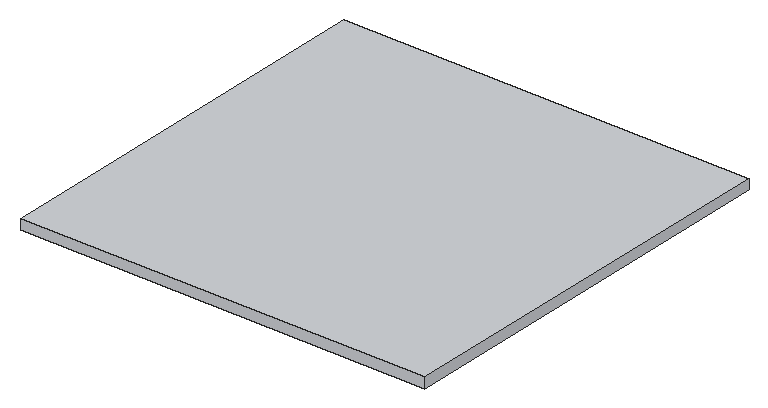
Revit family "90926", category Aparatos sanitarios, Revit 2017
Family settings
  Anfitrión = Cara
  Cota de conector redondo = Diámetro de uso
  Tipo de pieza = Normal
  Número OmniClass = 23.45.55.14
  Título OmniClass = Single Faucets
  Corte con vacíos al cargar = No
  Compartido = No
  Punto de cálculo de habitación = No
Parameters
  URL = "http://www.griferiasgalindo.com"
  Teléfono = "(+34) 915 782 575"
  TIPO DE AGUA = "Fria/Caliente"
  REFERENCIA = "90926"
  Presión Máxima = "Max. 8 bar"
  PESO BRUTO = "1,320 Kg"
  Modelo = "PRESTO XT 2000 - LM Negro"
  Material = LATON CROMADO
  Imagen de tipo = <Ninguno>
  Fabricante = "PRESTO IBÉRICA"
  Default Elevation = 1219.2 mm
  ENTRADA = "Con latiguillos flexibles de 1/2\""
  Descripción = "Grifos temporalizado mezclador para instalación sobre repisa y apertura por pulsador."
  Código de montaje = "C1030220"
  Contacto = "info@prestoiberica.com"
  Conexión AF = yes
  Conexión AC = yes
  Comentarios de tipo = "Cuerpo en pintura de alta resistencia y pulsador en latón cromado. Piezas interiores en matieriales resistentes a la corrosión e incrustaciones calcáreas. Cabeza intercambiable.Suministrado con brida, latiguillos flexibles en acero inoxidable de  1/2\" y 350 mm, 2 llaves de paso y juntas. Válvulas antirretorno incorporadas que impiden la intercomunicación de agua fría y caliente. Selección de temperatura por maneta lateral."
  CIERRE = "Automático en 10 seg."
  CAUDAL = "5 l/min\r\n5 l/min"
  Accionamiento = "Mediante pulsador"
Reference planes
  plane 1 "Centro (Frontal/Posterior)": y = 0
  plane 2: z = 0
  plane 3 "Centro (Izquierda/Derecha)": x = 0
Forms (mm)
  Extrusion 1, solid
    sketch origin (0, 0, 0) x (1, 0, 0) y (0, 1, 0)
      loop
        line (-100, 100) -> (-100, -100) -> (100, -100) -> (100, 100) -> (-100, 100)
    from 0 to -5
Dimensions and locks
  Extrusion 1 sketch curve to plane 1 "Centro (Frontal/Posterior)" = 100 mm
  aligned and locked: plane 2 to Extrusion 1
  aligned and locked: level to Extrusion 1
Connectors
  piping at (-10.555, -3, 0), diameter 12.7
    settings: on import instance, index 1, connector inside diameter 609.6 mm, connector length 0 mm, flow factor 0, pipe flow 0.0 L/s, pressure drop 0.0 Pa, fitting loss kfactor 0, connector angle 0.00°, fixture units 0, engagement length 0 mm, angle of deflection 0.00°, flow configuration 0, flow direction 1, fitting loss method 0, system type 19, joint type 0, gender type 0, connector reference index -1, connector utility 0, adjustable connector no, is connector primary yes, connector description ""
  piping at (-10.555, 10, 0), diameter 12.7
    settings: on import instance, index 2, connector inside diameter 609.6 mm, connector length 0 mm, flow factor 0, pipe flow 0.0 L/s, pressure drop 0.0 Pa, fitting loss kfactor 0, connector angle 0.00°, fixture units 0, engagement length 0 mm, angle of deflection 0.00°, flow configuration 0, flow direction 1, fitting loss method 0, system type 20, joint type 0, gender type 0, connector reference index -1, connector utility 0, adjustable connector no, is connector primary no, connector description ""
